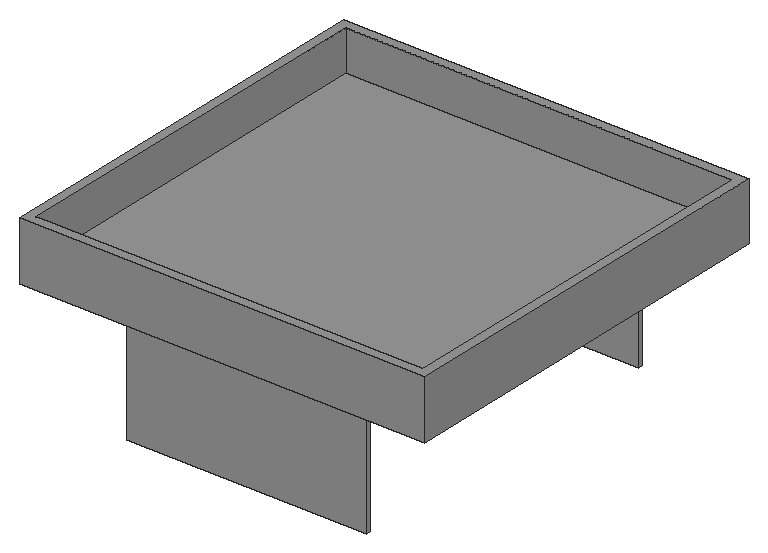
Revit family "Nivellierbare Kassette für Revisionsöffnung, RKNUZD3, 20-25, 4", category Generic Models, Revit 2015
Parameters (values of type "RKN2 UZD3 4VS20")
  Width = 199 mm
  URL = "http://www.obo-bettermann.com"
  Material = Stainless Steel, Polished
  Manufacturer Art.No. = "7409058"
  Manufacturer = "OBO Bettermann"
  Length = 199 mm
  Height 1 = 29 mm
  Height = 90 mm
  GTIN = "4012195867883"
  Cut depth = 20 mm
  Article Type = "RKN2 UZD3 4VS20"
Types (5, lengths in mm): name | Material | Manufacturer Art.No. | Height | GTIN | Cut depth | Article Type
  (no name) | Stainless Steel, Polished | "7409058" | 90 | "4012195867883" | 20 | "RKN2 UZD3 4VS20"
  RKN2 UZD3 4VS20 | Stainless Steel, Polished | "7409058" | 90 | "4012195867883" | 20 | "RKN2 UZD3 4VS20"
  RKN2 UZD3 4MS20 | Brass, Soft Yellow, Welded | "7409052" | 90 | "4012195867838" | 20 | "RKN2 UZD3 4MS20"
  RKN2 UZD3 4VS25 | Stainless Steel | "7409060" | 95 | "4012195867906" | 25 | "RKN2 UZD3 4VS25"
  RKN2 UZD3 4MS25 | Brass, Soft Yellow, Welded | "7409054" | 95 | "4012195867845" | 25 | "RKN2 UZD3 4MS25"
Reference planes
  plane 1 "Center (Front/Back)": y = 0
  plane 2: z = 0
  plane 3 "Center (Left/Right)": x = 0
  plane 4: z = 61
  plane 5: y = 99.5
  plane 6: y = -99.5
  plane 7: z = 90
  plane 8: z = 70
Forms (mm)
  Extrusion 1, solid, material "Stainless Steel, Polished" <- "Material"
    sketch origin (0, 0, 0) x (1, 0, 0) y (0, 0, 1)
      loop
        line (-99.5, 90) -> (-99.5, 61) -> (99.5, 61) -> (99.5, 90) -> (-99.5, 90)
    from -99.5 to 99.5
  Extrusion 2, solid, material "Stainless Steel, Polished" <- "Material"
    sketch origin (0, 0, 0) x (1, 0, 0) y (0, 1, 0)
      loop
        line (-59, 84.5) -> (-59, 82.5) -> (59, 82.5) -> (59, 84.5) -> (-59, 84.5)
      loop
        line (-59, -82.5) -> (-59, -84.5) -> (59, -84.5) -> (59, -82.5) -> (-59, -82.5)
    from 0 to 61
  Extrusion 3, void
    sketch origin (0, 0, 0) x (1, 0, 0) y (0, 1, 0)
      loop
        line (-95.3, 95.3) -> (-95.3, -95.3) -> (95.3, -95.3) -> (95.3, 95.3) -> (-95.3, 95.3)
    from 70 to 90
Cuts and joins
  Extrusion 3 cuts Extrusion 1
  Extrusion 3 cuts Extrusion 2
Dimensions and locks
  "Width": Extrusion 1 sketch curve to Extrusion 1 sketch curve
  locked: plane 3 "Center (Left/Right)" to Extrusion 1 sketch curve at 99.5
  locked: Extrusion 1 sketch curve to Extrusion 1 sketch curve at 29
  "Height 1": plane 7 to plane 4
  locked: Extrusion 2 sketch curve to Extrusion 2 sketch curve at 118  (x2)
  equal spacing: Extrusion 2 sketch curve, plane 3 "Center (Left/Right)", Extrusion 2 sketch curve, locked at 59 each  (x2)
  locked: Extrusion 2 sketch curve to Extrusion 1 at 15  (x2)
  locked: Extrusion 2 sketch curve to Extrusion 2 sketch curve at 2  (x2)
  locked: Extrusion 3 sketch curve to Extrusion 3 sketch curve at 190.6  (x2)
  equal spacing: Extrusion 3 sketch curve, plane 3 "Center (Left/Right)", Extrusion 3 sketch curve, locked at 95.3 each
  equal spacing: Extrusion 3 sketch curve, plane 1 "Center (Front/Back)", Extrusion 3 sketch curve, locked at 95.3 each
  "Cut depth": plane 7 to plane 8
  "Length": plane 5 to plane 6
  equal spacing: plane 5, plane 1 "Center (Front/Back)", plane 6, locked at 99.5 each
  "Height": plane 7 to level
  aligned and locked: level to plane 2
  aligned and locked: plane 4 to Extrusion 1 sketch curve
  aligned and locked: plane 6 to Extrusion 1
  aligned and locked: Extrusion 1 to plane 5
  aligned and locked: plane 7 to Extrusion 1
  aligned and locked: cut or joined group of Extrusion 1, Extrusion 3 to Extrusion 3
  aligned and locked: Extrusion 3 to plane 8
  aligned and locked: Extrusion 2 to level
  aligned and locked: plane 4 to Extrusion 2
